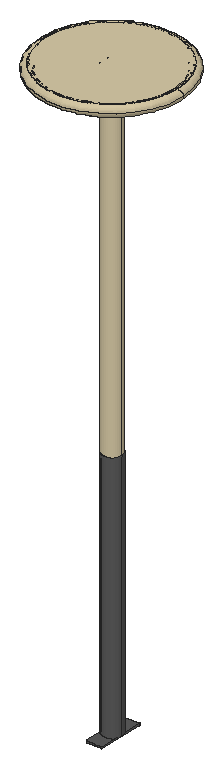
Revit family "1409-F", category Meble, Revit 2021
Family settings
  Numer OmniClass = 23.40.20.00
  Tytuł OmniClass = General Furniture and Specialties
  Oparty na płaszczyźnie roboczej = Nie
  Zawsze pionowo = Tak
  Tnij formami wycięć po wczytaniu = Nie
  Współdzielony = Nie
  Punkt obliczania pomieszczeń = Nie
Parameters (values of type "1409-F")
  metal = Mobilis Design RAL 1000
  Width = "45 cm"
  Weight = "15 kg"
  URL = ""
  Product Line = "Phoenix"
  Product Groups = ""
  Manufacturer = ""
  Keynote = ""
  Description = ""
  Model = "1409-F"
  Material = ""
  Maintenance = ""
  Lenght = "45 cm"
  Type Comments = ""
  Mobilis Design Materials = ""
  Hosted on = ""
  Height = "110 cm"
  Domyślna rzędna = 0 mm
  Copyright = "All designs and drawings are the common intellectual property of Lars Laj A/S and Tress and are protected by Danish and international copyright laws."
Reference planes
  plane 1: z = 0
  plane 2 "Środek (Lewa/Prawa)": x = 0
  plane 3 "Środek": y = 257.204
Forms (mm)
  Extrusion 1, solid, material "Mobilis Design RAL 1000" <- "metal", not visible
    sketch origin (0, 0, 0) x (0, 1, 0) y (0, 0, 1)
      loop
        arc (71.187, 451.5) -> (57.045, 445.642) -> (51.187, 431.5) r 20
        line (51.187, 431.5) -> (51.187, 18.231)
        arc (51.187, 18.231) -> (56.527, 5.34) -> (69.418, 0) r 18.231
        line (69.418, 0) -> (153.638, 0) -> (153.638, 15) -> (448.638, 15) -> (448.638, 0) -> (527.023, 0)
        arc (527.023, 0) -> (542.307, 6.331) -> (548.638, 21.615) r 21.615
        line (548.638, 21.615) -> (548.638, 429.407)
        arc (548.638, 429.407) -> (542.168, 445.029) -> (526.545, 451.5) r 22.093
        line (526.545, 451.5) -> (71.187, 451.5)
    from 750.378 to 745
  Extrusion 2, solid, material "Mobilis Design RAL 1000" <- "metal", not visible
    sketch origin (0, 0, 0) x (0, 1, 0) y (0, 0, 1)
      loop
        line (548.638, 396.844) -> (629.375, 854.725) -> (601.836, 859.581)
        arc (601.836, 859.581) -> (585.224, 855.898) -> (576.082, 841.547) r 22.232
        line (576.082, 841.547) -> (507.306, 451.5) -> (526.545, 451.5)
        arc (526.545, 451.5) -> (542.168, 445.029) -> (548.638, 429.407) r 22.093
        line (548.638, 429.407) -> (548.638, 396.844)
    from 745 to 750.378
  Extrusion 3, solid, material "Mobilis Design RAL 1000" <- "metal"
    sketch origin (396.607, -18.452, 868.765) x (0, -1, 0) y (1, 0, 0)
      loop
        circle (-275.327, -399.004) r 30.15
      loop
        circle (-275.327, -399.004) r 28.15
    from 197.485 to -868.765
  Extrusion 4, solid, material "Painted Black"
    sketch origin (695.879, -21.874, 0) x (1, 0, 0) y (0, 1, 0)
      loop
        line (-722.97, 354.396) -> (-722.97, 210.396)
        arc (-722.97, 210.396) -> (-722.091, 208.274) -> (-719.97, 207.396) r 3
        line (-719.97, 207.396) -> (-675.97, 207.396)
        arc (-675.97, 207.396) -> (-673.849, 208.274) -> (-672.97, 210.396) r 3
        line (-672.97, 210.396) -> (-672.97, 354.396)
        arc (-672.97, 354.396) -> (-673.849, 356.517) -> (-675.97, 357.396) r 3
        line (-675.97, 357.396) -> (-719.97, 357.396)
        arc (-719.97, 357.396) -> (-722.091, 356.517) -> (-722.97, 354.396) r 3
    from -800 to -795
  Extrusion 5, solid, material "Painted Black"
    sketch origin (396.607, -17.202, 868.765) x (1, 0, 0) y (0, 1, 0)
      loop
        circle (-399.004, 275.327) r 30.15
      loop
        circle (-399.004, 275.327) r 28.15
    from -868.765 to -1663.765
  Extrusion 6, solid, material "Mobilis Design RAL 1000" <- "metal"
    sketch origin (581.466, 257.204, 649.062) x (-1, 0, 0) y (0, 0, 1)
      loop
        line (608.966, 447.188) -> (558.966, 447.188) -> (558.966, 417.188) -> (608.966, 417.188) -> (608.966, 447.188)
      loop
        line (606.966, 445.188) -> (560.966, 445.188) -> (560.966, 419.188) -> (606.966, 419.188) -> (606.966, 445.188)
    from -194.556 to 188.044
  Extrusion 7, solid, material "Kobenhagen RAL 5012", not visible
    sketch origin (-110.268, -19.702, 0) x (0, -1, 0) y (1, 0, 0)
      loop
        circle (-275.327, -399.004) r 30.15
      loop
        circle (-275.327, -399.004) r 28.15
    from 444.1 to 0
  Extrusion 8, solid, material "Kobenhagen RAL 5012", not visible
    sketch origin (239.004, -16.847, 0) x (1, 0, 0) y (0, 1, 0)
      loop
        line (-699.004, 325.327) -> (-799.004, 325.327) -> (-799.004, 225.327) -> (-699.004, 225.327) -> (-699.004, 325.327)
    from 447.05 to 443.488
  Extrusion 9, solid, material "Painted Black", not visible
    sketch origin (189.004, -23.124, 0) x (1, 0, 0) y (0, 1, 0)
      loop
        line (-722.97, 354.396) -> (-722.97, 210.396)
        arc (-722.97, 210.396) -> (-722.091, 208.274) -> (-719.97, 207.396) r 3
        line (-719.97, 207.396) -> (-675.97, 207.396)
        arc (-675.97, 207.396) -> (-673.849, 208.274) -> (-672.97, 210.396) r 3
        line (-672.97, 210.396) -> (-672.97, 354.396)
        arc (-672.97, 354.396) -> (-673.849, 356.517) -> (-675.97, 357.396) r 3
        line (-675.97, 357.396) -> (-719.97, 357.396)
        arc (-719.97, 357.396) -> (-722.091, 356.517) -> (-722.97, 354.396) r 3
    from -800 to -795
  Extrusion 10, solid, material "Painted Black", not visible
    sketch origin (-110.268, -18.452, 0) x (1, 0, 0) y (0, 1, 0)
      loop
        circle (-399.004, 275.327) r 30.15
      loop
        circle (-399.004, 275.327) r 28.15
    from 0 to -795
  Extrusion 11, solid, material "Mobilis Design RAL 1000" <- "metal"
    sketch origin (-5.756, 837.913, 649.062) x (0, -1, 0) y (0, 0, 1)
      loop
        line (608.966, 447.188) -> (558.966, 447.188) -> (558.966, 417.188) -> (608.966, 417.188) -> (608.966, 447.188)
      loop
        line (606.966, 445.188) -> (560.966, 445.188) -> (560.966, 419.188) -> (606.966, 419.188) -> (606.966, 445.188)
    from 21.334 to 188.044
  Extrusion 12, solid, material "Mobilis Design RAL 1000" <- "metal"
    sketch origin (5.756, 837.913, 649.062) x (0, -1, 0) y (0, 0, -1)
      loop
        line (608.966, -447.188) -> (608.966, -417.188) -> (558.966, -417.188) -> (558.966, -447.188) -> (608.966, -447.188)
      loop
        line (606.966, -445.188) -> (606.966, -419.188) -> (560.966, -419.188) -> (560.966, -445.188) -> (606.966, -445.188)
    from 14.744 to 183.098
  Extrusion 13, solid, material "Mobilis Design RAL 1000" <- "metal"
    sketch origin (0, 0, 450) x (1, 0, 0) y (0, 1, 0)
      loop
        circle (-3.097, 254.602) r 208.823
    from 647 to 650
  Sweep 14, solid, material "Mobilis Design RAL 1000" <- "metal"
    path origin (0, 0, 0) x (1, 0, 0) y (0, 1, 0)
      loop
        circle (-3.097, 254.602) r 208.823
    profile origin (-3.097, 45.779, 0) x (0, 1, 0) y (0, 0, 1)
      loop
        circle (0, 1083.096) r 16.868
      loop
        circle (0.117, 1083.18) r 15.694
Dimensions and locks
  aligned and locked: level to plane 1
